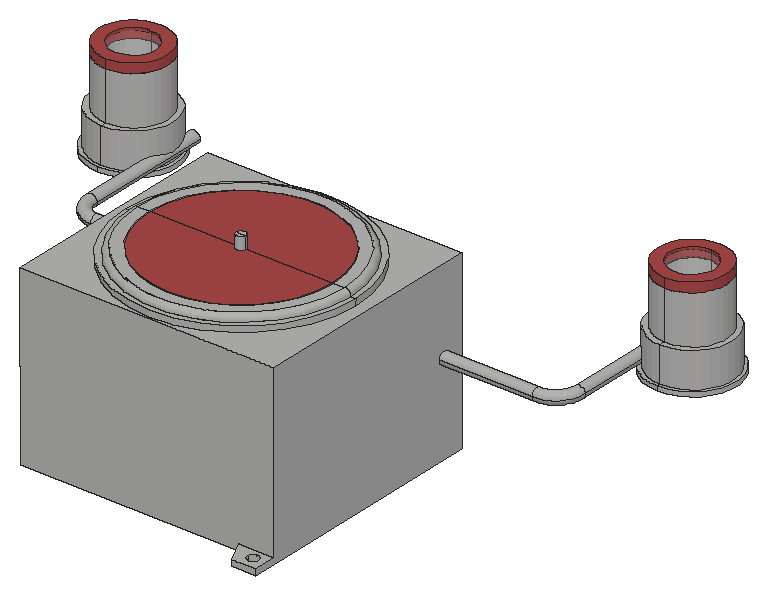
Revit family "HLEBS - HK", category Lighting Fixtures, host Face, Revit 2012
Parameters (values of type "HLEBS")
  Wattage Comments = "10 - 23W"  # constant formula
  Voltage = 120 V
  URL = "http://www.dual-lite.com"
  Total Input Wattage = "10 W"  # constant formula
  Sticker = Hubbell - Paint - Red
  Product Page URL = "http://www.dual-lite.com/products/hlebs_series"
  Product Documentation Link = "http://cdn.dual-lite.com/content/products/psg/psg_files/dlt_hlebs_psg.pdf"
  Model = "HLEBS HK"  # constant formula
  Manufacturer Phone = "(864)-678-1000"  # constant formula
  Manufacturer Fax = "(866)-898-0131"  # constant formula
  Manufacturer = "Dual Lighting"  # constant formula
  Load Classification = Lighting
  Lens = Hubbell - Glass
  Lamp = "LED"  # constant formula
  Finish = Hubbell - Paint - Aluminium
  Description = "Hazardous Location LED Emergency Lighting System"  # constant formula
  Default Elevation = 48.00"
  Apparent Load = 10 VA  # constant formula
Reference planes (in)
  plane 1 "Center (Front/Back)": y = 0
  plane 2: z = 0
  plane 3 "Center (Left/Right)": x = 0
  plane 4: z = 7.5
  plane 5: x = -5.4
  plane 6: x = 5.4
  plane 7: y = 5
  plane 8: y = -5
  plane 9: y = 5.97
  plane 10: y = -5.97
  plane 11: z = 8
  plane 12: z = 8.5
  plane 13: x = -4.4
  plane 14: x = 4.4
  plane 15: x = -3.9
  plane 16: x = 3.9
  plane 17: x = -4.9
  plane 18: x = 4.9
  plane 19: y = 5.47
  plane 20: y = -5.47
  plane 21: y = 5.97
  plane 22: z = 0.25
  plane 23: y = 3.5
  plane 24: y = -3.5
  plane 25: z = 3.5
Forms (in)
  Extrusion 1, solid, material "Hubbell - Paint - Aluminium" <- "Finish"
    sketch origin (0, 0, 0) x (1, 0, 0) y (0, 1, 0)
      loop
        line (-5.4, 5) -> (-5.4, -5) -> (5.4, -5) -> (5.4, 5) -> (-5.4, 5)
    from 0 to 7.5
  Extrusion 2, solid, material "Hubbell - Paint - Aluminium" <- "Finish"
    sketch origin (0, 0, 0) x (1, 0, 0) y (0, 1, 0)
      loop
        line (-5.4, 5) -> (-3.9, 5) -> (-4.4, 5.97) -> (-5.4, 5.97) -> (-5.4, 5)
      loop
        line (5.4, -5) -> (3.9, -5) -> (4.4, -5.97) -> (5.4, -5.97) -> (5.4, -5)
      loop
        circle (-4.9, 5.47) r 0.25
      loop
        circle (4.9, -5.47) r 0.25
    from 0 to 0.25
  Revolve 3, solid, material "Hubbell - Paint - Aluminium" <- "Finish"
    sketch origin (0, 0, 0) x (1, 0, 0) y (0, 0, 1)
      loop
        line (4.9, 7.5) -> (4.9, 7.75) -> (4.65, 7.75)
        arc (4.65, 7.75) -> (4.57678, 7.92678) -> (4.4, 8) r 0.25
        line (4.4, 8) -> (3.9, 8) -> (3.9, 7.5) -> (4.9, 7.5)
      loop
        line (0, 8.5) -> (0, 8) -> (0.2, 8) -> (0.2, 8.5) -> (0, 8.5)
      axis (0, 8.5) -> (0, 7.5)
    angle from 0 to 360
  Revolve 4, solid, material "Hubbell - Paint - Red" <- "Sticker"
    sketch origin (0, 0, 0) x (1, 0, 0) y (0, 0, 1)
      loop
        line (3.9, 8) -> (0, 8) -> (0, 7.5) -> (3.9, 7.5) -> (3.9, 8)
      axis (0, 8) -> (0, 7.5)
    angle from 0 to 360
Cuts and joins
  joined: Extrusion 1, Extrusion 2, Revolve 3
Dimensions and locks (in)
  plane 4 to plane 2 = 7.50"  (x2)
  equal spacing: plane 6, plane 3 "Center (Left/Right)", plane 5
  plane 6 to plane 5 = 10.80"
  plane 4 to level = 7.50"
  plane 7 to plane 8 = 10.00"
  locked: plane 3 "Center (Left/Right)" to plane 5 at 5.4
  equal spacing: plane 7, plane 1 "Center (Front/Back)", plane 8
  locked: plane 1 "Center (Front/Back)" to plane 7 at 5
  locked: plane 1 "Center (Front/Back)" to plane 9 at 5.97
  equal spacing: plane 9, plane 1 "Center (Front/Back)", plane 10
  locked: plane 11 to plane 4 at 0.5
  locked: plane 12 to plane 11 at 0.5
  locked: plane 5 to plane 13 at 1
  locked: plane 14 to plane 6 at 1
  locked: plane 13 to plane 15 at 0.5
  locked: plane 16 to plane 14 at 0.5
  locked: plane 5 to plane 17 at 0.5
  locked: plane 14 to plane 18 at 0.5
  locked: plane 20 to plane 10 at 0.5
  locked: plane 21 to plane 19 at 0.5
  locked: Extrusion 2 sketch curve to plane 17 at 0
  locked: plane 19 to Extrusion 2 sketch curve at 0
  locked: Extrusion 2 sketch curve to plane 20 at 0.25
  locked: plane 18 to Extrusion 2 sketch curve at 0
  locked: plane 22 to plane 2 at 0.25
  locked: Revolve 3 sketch curve to Revolve 3 sketch curve at 0.2
  locked: plane 7 to nested 1 at 1
  plane 19 to nested 2 = 1.47"
  locked: Revolve 3 sketch curve to Revolve 3 sketch curve at 0.25
  locked: cut or joined group of Extrusion 1, Extrusion 2, Revolve 3 to Revolve 3 sketch curve at 0.25
  plane 7 to plane 23 = 1.50"
  locked: plane 24 to plane 8 at 1.5
  locked: nested 3 to plane 21 at 3
  locked: nested 4 to plane 21 at 3
  locked: plane 4 to plane 25 at 4
  aligned and locked: plane 2 to host face
  aligned and locked: level to host face
  aligned and locked: Extrusion 1 sketch curve to plane 7
  aligned and locked: plane 5 to Extrusion 1 sketch curve
  aligned and locked: plane 8 to Extrusion 1 sketch curve
  aligned and locked: Extrusion 1 sketch curve to plane 6
  aligned and locked: plane 5 to Extrusion 2 sketch curve
  aligned and locked: Extrusion 2 sketch curve to plane 9
  aligned and locked: plane 13 to Extrusion 2 sketch curve
  aligned and locked: plane 15 to Extrusion 2 sketch curve
  aligned and locked: plane 7 to Extrusion 2 sketch curve
  aligned and locked: plane 16 to Extrusion 2 sketch curve
  aligned and locked: plane 14 to Extrusion 2 sketch curve
  aligned and locked: Extrusion 2 sketch curve to plane 10
  aligned and locked: Extrusion 2 sketch curve to Extrusion 1  (x2)
  aligned and locked: plane 22 to Extrusion 2
  aligned and locked: plane 4 to Extrusion 1
  aligned and locked: Revolve 3 sketch curve to plane 3 "Center (Left/Right)"
  aligned and locked: plane 4 to Revolve 3 sketch curve
  aligned and locked: Revolve 3 sketch curve to plane 18
  aligned and locked: plane 12 to Revolve 3 sketch curve
  aligned and locked: nested 1 to Extrusion 1
  aligned and locked: nested 2 to nested 2
  aligned and locked: Revolve 3 sketch curve to Revolve 3 sketch curve
  aligned and locked: Revolve 3 sketch curve to plane 11
  aligned and locked: plane 16 to Revolve 3 sketch curve
  aligned and locked: plane 11 to Revolve 4 sketch curve
  aligned and locked: plane 16 to Revolve 4 sketch curve
  aligned and locked: Revolve 4 sketch curve to cut or joined group of Extrusion 1, Extrusion 2, Revolve 3
  aligned and locked: Revolve 4 sketch curve to plane 3 "Center (Left/Right)"  (x2)
  aligned and locked: nested 2 to nested 1
  aligned and locked: nested 1 to nested 3
  aligned and locked: nested 2 to nested 4
  aligned and locked: plane 25 to nested 1
  aligned and locked: nested 2 to plane 25
Automatic sketch dimensions
  host sketch curve to host sketch curve = 96.00"  (x2)
  Extrusion 2 sketch curve to plane 20 = 0.00"
  Revolve 3 sketch curve to plane 11 = 0.00"
  plane 22 to Revolve 3 sketch curve = 2.75"
  Revolve 3 sketch curve to Revolve 3 sketch curve = 3.00"
  Revolve 4 sketch curve to plane 3 "Center (Left/Right)" = 0.00"
  Revolve 4 sketch curve to plane 4 = 1.34704"
  plane 12 to Revolve 4 sketch curve = 1.50"
  radius of Extrusion 2 sketch curve = 0.25"
Nested families (in)
  nested 1: "HLEBS HK" at (-5.4, 4, 3.93923), type "HLEBS HK"
  nested 2: "HLEBS HK" at (5.4, 4, 3.93923) x (-1, 0, 0) z (0, 0, 1), type "HLEBS HK"
  nested 3: "HLEBS Photometry" at (-12.13896, 9.00999, 7.54923) x (-1, 0, 0) z (0, 0, 1), type "HK"
  nested 4: "HLEBS Photometry" at (12.13896, 9.00999, 7.54923), type "HK"
Connectors (in)
  electrical at (0, 0, 0), driven by "Voltage", driven by "Load Classification", driven by "Apparent Load"
    settings: index 1, voltage 120 V, apparent load 10 VA, apparent load phase1 0 VA, apparent load phase2 0 VA, apparent load phase3 0 VA, power factor 1, load classification "Lighting", number of poles 1, system type 30, power factor state 1, is connector primary yes, connector utility no, sub classification motor no, connector description "Lighting Connector"
Definition of nested family "HLEBS HK"
  Parameters (values of type "Family3")
    sticker = none
    glass = none
    finish = none
  Reference planes (in)
    plane 1 "Center (Front/Back)": y = 0
    plane 2: z = 0
    plane 3 "Center (Left/Right)": x = 0
    plane 4: y = 4.132
    plane 5: x = -4.36659
    plane 6: y = 3.25
    plane 7: x = -6.5
    plane 8: x = -3
  Forms (in)
    Sweep 1, solid, material <- "finish"
      path origin (0, 0, 0) x (1, 0, 0) y (0, 1, 0)
        loop
          line (0, 0) -> (-4, 0)
          arc (-4, 0) -> (-4.70711, 0.29289) -> (-5, 1) r 1
          line (-5, 1) -> (-5, 6.5)
      profile origin (-2, 0, 0) x (0, -1, 0) y (0, 0, 1)
        loop
          circle (0, 0) r 0.25
    Revolve 2, solid, material <- "finish"
      sketch origin (-6.5, 7.27862, 48.0993) x (0, 1, 0) y (0, 0, 1)
        loop
          line (-2.14126, -45.78853) -> (-2.14126, -48.53853) -> (-0.27862, -48.53853) -> (-0.27862, -48.3493) -> (-0.43365, -48.3493) -> (-0.43365, -46.8493) -> (-0.68365, -46.8493) -> (-0.68365, -44.78853) -> (-1.18365, -44.78853) -> (-1.18365, -45.78853) -> (-2.14126, -45.78853)
        axis (-2.14126, -44.78853) -> (-2.14126, -48.53853)
      angle from 0 to 360
    Extrusion 3, solid, material <- "sticker"
      sketch origin (0, 0, 0) x (1, 0, 0) y (0, 1, 0)
        loop
          circle (-6.5, 5.13736) r 1.4576
        loop
          circle (-6.5, 5.13736) r 0.9576
      from 3.31077 to 3.71
    Extrusion 4, solid, material <- "glass"
      sketch origin (0, 0, 0) x (1, 0, 0) y (0, 1, 0)
        loop
          circle (-6.5, 5.13736) r 0.9576
      from 3.31077 to 3.61
  Dimensions and locks (in)
    Sweep 1 sketch curve to plane 3 "Center (Left/Right)" = 5.00"
    plane 7 to plane 8 = 3.50"
    Sweep 1 to plane 6 = 3.25"
    Revolve 2 sketch curve to Revolve 2 sketch curve = 3.75"
    aligned and locked: plane 2 to level
    aligned and locked: Extrusion 3 to Revolve 2
Definition of nested family "HLEBS Photometry"
  Parameters (values of type "HK")
    Wattage Comments = ""
    Wattage = 3 W
    built-in parameter 1150110 = 1 (stored number, unit not read)
    Voltage = 6 V
    URL = ""
    built-in parameter 1114217 = 1 (stored number, unit not read)
    Tilt Angle = 90.00°  # constant formula
    built-in parameter 1150109 = 1 (stored number, unit not read)
    built-in parameter 1150134 = 3
    built-in parameter 1150113 = 1 (stored number, unit not read)
    Product Page URL = ""
    Product Documentation Link = ""
    Photometric Web File = "hlebs_hk.ies"
    Model = ""
    Manufacturer Phone = ""
    Manufacturer Fax = ""
    Manufacturer = ""
    built-in parameter 1150105 = 19.397 (stored number, unit not read)
    Lumens = 243.75 lm
    built-in parameter 1150115 = 1 (stored number, unit not read)
    built-in parameter 1150137 = (empty or 0)
    built-in parameter 1150139 = (empty or 0)
    built-in parameter 1150112 = 1 (stored number, unit not read)
    built-in parameter 1150114 = 1 (stored number, unit not read)
    Lamp = ""
    built-in parameter 1150132 = 1
    built-in parameter 1150102 = (empty or 0)
    built-in parameter 1150107 = 3200 (stored number, unit not read)
    built-in parameter 1150138 = (empty or 0)
    built-in parameter 1150106 = 0.19397 (stored number, unit not read)
    Emit from Circle Diameter = 2.00"  # constant formula
    Emit Shape Visible in Rendering = no
    built-in parameter 1150104 = 7.5484 (stored number, unit not read)
    Dimming Lamp Color Temperature Shift = (empty or 0)
    Description = ""
    Default Elevation = 48.00"
    Color Filter = 16777215
    built-in parameter 1114218 = 1 (stored number, unit not read)
    built-in parameter 1150133 = 10 (stored number, unit not read)
    Apparent Load = 3 VA
  Reference planes (in)
    plane 1 "Center (Front/Back)": y = 0.03999
    plane 2: z = 0
    plane 3 "Center (Left/Right)": x = -0.23896
  Forms (in)
    Extrusion 1, solid
      sketch origin (0, 0, 0.06357) x (1, 0, 0) y (0, 1, 0)
        loop
          line (-48, 48) -> (-48, -48) -> (48, -48) -> (48, 48) -> (-48, 48)
      from -0.06357 to -17.74365
  Lines and regions (in)
    reference lines
      curve 1: line (-0.23896, 0.03999, 18.11448) -> (-0.23896, 0.03999, -22.88552)
      curve 2: line (-0.23896, 0.03999, 34) -> (-0.23896, 0.03999, -22.88552)
  Dimensions and locks (in)
    aligned and locked: plane 2 to Extrusion 1
    aligned and locked: level to Extrusion 1
    aligned and locked: curve 1 to plane 3 "Center (Left/Right)"
    aligned and locked: plane 1 "Center (Front/Back)" to curve 2
    aligned and locked: imposter light to plane 1 "Center (Front/Back)"
